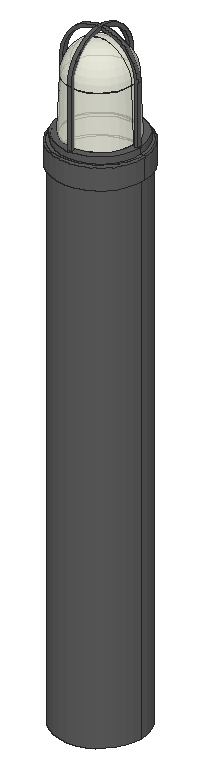
Revit family "BOL1", category Generic Models, host Floor, Revit 2024
Family settings
  Host = Floor
  Can host rebar = No
  Round Connector Dimension = Use Diameter
  Part Type = Normal
  Always vertical = Yes
  Cut with Voids When Loaded = No
  Maintain Annotation Orientation = No
  Shared = No
  Room Calculation Point = No
Parameters
  Default Elevation = 0' - 0"
Reference planes (in)
  plane 1 "Center (Front/Back)": y = 0
  plane 2: z = 0
  plane 3 "Center (Left/Right)": x = 0
Forms (in)
  Revolve 1, solid
    sketch origin (0, 0, 0) x (1, 0, 0) y (0, 0, 1)
      loop
        line (-2.875, 34.5) -> (-2.875, 0) -> (-2.78125, 0) -> (-2.78125, 34.59375) -> (-2.96882, 34.59375) -> (-2.96882, 35.90625) -> (-2.66435, 35.90625) -> (-2.66435, 36.31675) -> (-2.27632, 36.31675) -> (-2.27632, 36.4105) -> (-2.7581, 36.4105) -> (-2.7581, 36) -> (-2.96257, 36)
        arc (-2.96257, 36) -> (-3.03328, 35.97071) -> (-3.06257, 35.9) r 0.1
        line (-3.06257, 35.9) -> (-3.06257, 34.5) -> (-2.875, 34.5)
      axis (0, 36.4105) -> (0, 0)
    angle from 0 to 360
  Revolve 2, solid
    sketch origin (0, 0, 0) x (1, 0, 0) y (0, 0, 1)
      loop
        line (-2.20022, 39.9912) -> (-2.335, 36.4105) -> (-2.24118, 36.4105) -> (-2.10647, 39.98946)
        arc (-2.10647, 39.98946) -> (-1.49011, 41.48006) -> (0, 42.0976) r 2.1064
        line (0, 42.0976) -> (0, 42.19135)
        arc (0, 42.19135) -> (-1.55579, 41.54697) -> (-2.20022, 39.9912) r 2.20015
      axis (0, 42.19135) -> (0, 36.4105)
    angle from 0 to 360
  Extrusion 3, solid, material "41"
    sketch origin (0, 0, 0) x (1, 0, 0) y (0, 0, 1)
      loop
        arc (2.65532, 40.3446) -> (-0.00007, 43) -> (-2.65547, 40.3446) r 2.6554
        line (-2.65547, 40.3446) -> (-2.65547, 36.4105) -> (-2.45022, 36.4105) -> (-2.45022, 40.3446)
        arc (-2.45022, 40.3446) -> (-1.69522, 42.1137) -> (0.10449, 42.79252) r 2.45015
        arc (0.10449, 42.79252) -> (1.76903, 42.03975) -> (2.45008, 40.3446) r 2.45015
        line (2.45008, 40.3446) -> (2.45008, 36.4105) -> (2.65532, 36.4105) -> (2.65532, 40.3446)
    from -0.12794 to 0.12857
  Extrusion 4, solid, material "41"
    sketch origin (0, 0, 0) x (0, 1, 0) y (0, 0, 1)
      loop
        line (-2.65532, 40.3446) -> (-2.65532, 36.4105) -> (-2.45008, 36.4105) -> (-2.45008, 40.3446)
        arc (-2.45008, 40.3446) -> (-1.73721, 42.07234) -> (-0.01344, 42.79471) r 2.45015
        arc (-0.01344, 42.79471) -> (1.72781, 42.08189) -> (2.45022, 40.3446) r 2.45015
        line (2.45022, 40.3446) -> (2.45022, 36.4105) -> (2.65547, 36.4105) -> (2.65547, 40.3446)
        arc (2.65547, 40.3446) -> (0.00007, 43) -> (-2.65532, 40.3446) r 2.6554
    from -0.12794 to 0.12856
Dimensions and locks (in)
  equal spacing: host sketch curve, plane 1 "Center (Front/Back)", host sketch curve
  equal spacing: host sketch curve, plane 3 "Center (Left/Right)", host sketch curve
  host sketch curve to host sketch curve = 10' - 0"  (x2)
  aligned and locked: level to plane 2
